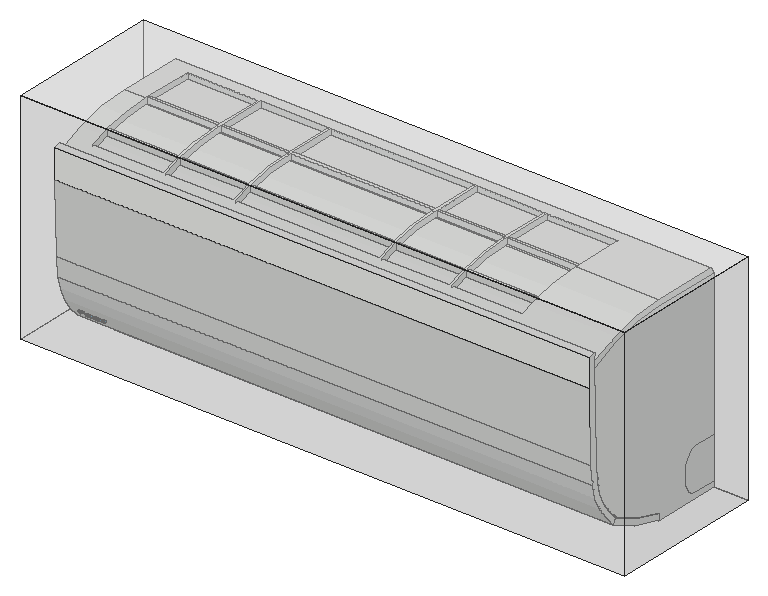
Revit family "outputfile", category 機械設備, Revit 2024
Family settings
  丸型コネクタ寸法 = 半径を使用
  パーツ タイプ = 標準
  OmniClass 番号 = 23.75.10.24.21.27.27
  OmniClass タイトル = Split System Air Conditioning Units
  作業面ベース = いいえ
  常に垂直 = はい
  ロード時にボイドで切り取り = いいえ
  注釈の向きを維持 = いいえ
  共有 = いいえ
  部屋計算ポイント = いいえ
Parameters (values of type "FTKF20T2VMA")
  Description = ""
  書き出し IFC クラス(タイプ) = "IfcUnitaryEquipmentType"
  定義済み IFC タイプ(タイプ) = "AIRCONDITIONINGUNIT"
  Cost = 0
  Type Comments = ""
  Keynote = ""
  Type Image = (empty or 0)
  Assembly Code = ""
  w_wall hole = if(Width = 770.0 mm, 48.0 mm, 60.0 mm)  # 48.0 mm
  製造元 = "Daikin"
  モデル = "FTKF20T2VMA"
  switch_frequency = yes
  r_Liquid Pipe Size = Liquid Pipe Size / 2  # 3.2 mm
  r_Gas Pipe Size = Gas Pipe Size / 2  # 4.75 mm
  r_Drain Pipe Size = Drain Pipe Size / 2  # 8.0 mm
  lw_powersupply [instance] = if(Width = 770.0 mm, if(or(Rear Right Connection_refrigerant, Bottom Right Connection_refrigerant), 25.0 mm, if(or(Rear Left Connection_refrigerant, Bottom Left Connection_refrigerant), 745.0 mm, 400.0 mm)), if(Width = 990.0 mm, if(or(Rear Right Connection_refrigerant, Bottom Right Connection_refrigerant), 40.0 mm, if(or(Rear Left Connection_refrigerant, Bottom Left Connection_refrigerant), 920.0 mm, 400.0 mm)), if(or(Rear Right Connection_refrigerant, Bottom Right Connection_refrigerant), 40.0 mm, if(or(Rear Left Connection_refrigerant, Bottom Left Connection_refrigerant), 920.0 mm, 400.0 mm))))  # 400.0 mm
  lw_liquidpipe [instance] = if(Width = 770.0 mm, if(or(Rear Right Connection_refrigerant, Bottom Right Connection_refrigerant), 0.0 mm, if(or(Rear Left Connection_refrigerant, Bottom Left Connection_refrigerant), 664.0 mm, 385.0 mm)), if(Width = 990.0 mm, if(or(Rear Right Connection_refrigerant, Bottom Right Connection_refrigerant), 0.0 mm, if(or(Rear Left Connection_refrigerant, Bottom Left Connection_refrigerant), 664.0 mm + (990.0 mm - 770.0 mm), 475.0 mm)), if(or(Rear Right Connection_refrigerant, Bottom Right Connection_refrigerant), 0.0 mm, if(or(Rear Left Connection_refrigerant, Bottom Left Connection_refrigerant), 664.0 mm + (990.0 mm - 770.0 mm), 475.0 mm))))  # 385.0 mm
  lw_gaspipe [instance] = if(Width = 770.0 mm, if(or(Rear Right Connection_refrigerant, Bottom Right Connection_refrigerant), 0.0 mm, if(or(Rear Left Connection_refrigerant, Bottom Left Connection_refrigerant), 675.0 mm, if(Gas Pipe Size = 12.7 mm, 345.0 mm, 335.0 mm))), if(Width = 990.0 mm, if(or(Rear Right Connection_refrigerant, Bottom Right Connection_refrigerant), 10.0 mm, if(or(Rear Left Connection_refrigerant, Bottom Left Connection_refrigerant), 890.0 mm, if(Gas Pipe Size = 15.9 mm, 400.0 mm, 400.0 mm))), if(or(Rear Right Connection_refrigerant, Bottom Right Connection_refrigerant), 10.0 mm, if(or(Rear Left Connection_refrigerant, Bottom Left Connection_refrigerant), 890.0 mm, if(Gas Pipe Size = 15.9 mm, 400.0 mm, 400.0 mm)))))  # 335.0 mm
  lw_drainpipe [instance] = if(Width = 770.0 mm, if(or(Rear Right Connection_refrigerant, Bottom Right Connection_refrigerant), 0.0 mm, if(or(Rear Left Connection_refrigerant, Bottom Left Connection_refrigerant), 770.0 mm - 48.0 mm - 48.0 mm, 440.0 mm)), if(Width = 990.0 mm, if(or(Rear Right Connection_refrigerant, Bottom Right Connection_refrigerant), 0.0 mm, if(or(Rear Left Connection_refrigerant, Bottom Left Connection_refrigerant), 675.0 mm + (990.0 mm - 770.0 mm), 435.0 mm)), if(or(Rear Right Connection_refrigerant, Bottom Right Connection_refrigerant), 0.0 mm, if(or(Rear Left Connection_refrigerant, Bottom Left Connection_refrigerant), 675.0 mm + (990.0 mm - 770.0 mm), 435.0 mm))))  # 440.0 mm
  l_powersupply_length [instance] = if(Width = 770.0 mm, if(Right Connection_refrigerant, 400.0 mm, if(Left Connection_refrigerant, 770.0 mm - 400.0 mm, if(or(Rear Left Connection_refrigerant, Rear Right Connection_refrigerant), 15.0 mm, 50.0 mm))), if(Width = 990.0 mm, if(Right Connection_refrigerant, 400.0 mm, if(Left Connection_refrigerant, 990.0 mm - 400.0 mm, if(or(Rear Left Connection_refrigerant, Rear Right Connection_refrigerant), 15.0 mm, 50.0 mm))), if(Right Connection_refrigerant, 400.0 mm, if(Left Connection_refrigerant, 990.0 mm - 400.0 mm, if(or(Rear Left Connection_refrigerant, Rear Right Connection_refrigerant), 15.0 mm, 50.0 mm)))))  # 400.0 mm
  l_liquidpipe_length [instance] = if(Width = 770.0 mm, if(Right Connection_refrigerant, 433.0 mm, if(Left Connection_refrigerant, 337.0 mm, if(or(Rear Left Connection_refrigerant, Rear Right Connection_refrigerant), 30.0 mm, 40.0 mm))), if(Width = 990.0 mm, if(Right Connection_refrigerant, 535.0 mm, if(Left Connection_refrigerant, 455.0 mm, if(or(Rear Left Connection_refrigerant, Rear Right Connection_refrigerant), 30.0 mm, 40.0 mm))), if(Right Connection_refrigerant, 535.0 mm, if(Left Connection_refrigerant, 455.0 mm, if(or(Rear Left Connection_refrigerant, Rear Right Connection_refrigerant), 30.0 mm, 40.0 mm)))))  # 433.0 mm
  l_gaspipe_length [instance] = if(Width = 770.0 mm, if(Right Connection_refrigerant, if(Gas Pipe Size = 12.7 mm, 393.0 mm, 383.0 mm), if(Left Connection_refrigerant, if(Gas Pipe Size = 12.7 mm, 770.0 mm - 393.0 mm, 770.0 mm - 383.0 mm), if(or(Rear Left Connection_refrigerant, Rear Right Connection_refrigerant), 40.0 mm, 50.0 mm))), if(Width = 990.0 mm, if(Right Connection_refrigerant, if(Gas Pipe Size = 15.9 mm, 460.0 mm, 460.0 mm), if(Left Connection_refrigerant, if(Gas Pipe Size = 15.9 mm, 990.0 mm - 460.0 mm, 990.0 mm - 460.0 mm), if(or(Rear Left Connection_refrigerant, Rear Right Connection_refrigerant), 40.0 mm, 50.0 mm))), if(Right Connection_refrigerant, if(Gas Pipe Size = 15.9 mm, 460.0 mm, 460.0 mm), if(Left Connection_refrigerant, if(Gas Pipe Size = 15.9 mm, 990.0 mm - 460.0 mm, 990.0 mm - 460.0 mm), if(or(Rear Left Connection_refrigerant, Rear Right Connection_refrigerant), 40.0 mm, 50.0 mm)))))  # 383.0 mm
  l_drainpipe_length [instance] = if(Width = 770.0 mm, if(Right Connection_refrigerant, 488.0 mm, if(Left Connection_refrigerant, 282.0 mm, if(or(Rear Left Connection_refrigerant, Rear Right Connection_refrigerant), 15.0 mm, 20.0 mm))), if(Width = 990.0 mm, if(Right Connection_refrigerant, 495.0 mm, if(Left Connection_refrigerant, 495.0 mm, if(or(Rear Left Connection_refrigerant, Rear Right Connection_refrigerant), 15.0 mm, 20.0 mm))), if(Right Connection_refrigerant, 495.0 mm, if(Left Connection_refrigerant, 495.0 mm, if(or(Rear Left Connection_refrigerant, Rear Right Connection_refrigerant), 15.0 mm, 20.0 mm)))))  # 488.0 mm
  h*** = 0.0 mm  # constant formula
  connector_voltage = Voltage_50Hz  # 230 V
  connector_powerinput = [Power Input (Cooling)]  # 0.000 kW
  connector_phase = Phase_50Hz  # 1
  angle_vertical [instance] = if(or(Bottom Left Connection_refrigerant, Bottom Right Connection_refrigerant), 0.00°, 90.00°)  # 90.00°
  angle_horizontal [instance] = if(Right Connection_refrigerant, 90.00°, if(Left Connection_refrigerant, -90.00°, if(or(Rear Left Connection_refrigerant, Rear Right Connection_refrigerant), 180.00°, 0.00°)))  # 90.00°
  Width = 770.0 mm
  Voltage_comment_50Hz = "220 - 240"
  Voltage_50Hz = 230 V
  Version = "ver.1.0"
  Unit Type = "Wall Mounted"
  Unit Mass Weight = 9.00 kg
  Unit Designation [instance] = ""
  Uniclass2015Version = "Products v1.30"
  Uniclass2015Title = "Split coil room air conditioning units"
  Uniclass2015Code = "Pr_70_65_03_86"
  URL = ""
  Total Cooling Capacity [instance] = 0.000 kW
  Sound Pressure Level_M speed (dBA) = 33
  Sound Pressure Level_L speed (dBA) = 27
  Sound Pressure Level_H speed (dBA) = 39
  Sound Power Level_H speed (dB) = 0
  Series = "Single Split_Fan Coil Unit"
  Sensible Cooling Capacity [instance] = 0.000 kW
  Refrigerant Type = "R32"
  Power Input (Cooling) = 0.000 kW
  Phase_50Hz = 1
  Option Accessory 3 [instance] = ""
  Option Accessory 2 [instance] = ""
  Option Accessory 1 [instance] = ""
  Nominal Cooling Capacity = 2.000 kW
  Minimum Circuit Amps_50Hz = 0.0 A
  Minimum Airflow = 306.00 m³/h
  Median Airflow = 390.00 m³/h
  Maximum Fuse Amps_50Hz = 0.0 A
  Maximum Airflow = 546.00 m³/h
  Material_Casing = DAIKIN_PureWhite_Casing_indoorunit
  Load Classification = HVAC
  Liquid Pipe Size = 6.4 mm
  Link_Nested Family [instance] = ""
  IfcVersion = ""
  IfcExportType = "AIRCONDITIONINGUNIT"
  IfcExportAs = "IfcUnitaryEquipmentType"
  Height = 285.0 mm
  Heat Exchanger Type = "Cross Fin Coil"
  Gas Pipe Size = 9.5 mm
  Frequency_50Hz = 50 Hz
  Fan Type = "Cross Flow Fan"
  Fan Drive = "Direct Drive"
  FCU Tag No. [instance] = ""
  Drain Pipe Size = 16.0 mm
  Design Supply Airflow [instance] = 0.00 m³/h
  Depth = 223.0 mm
  既定の高さ = 0.0 mm
  Cooling Entering Wet Bulb Temperature [instance] = 0.00 °C
  Cooling Entering Dry Bulb Temperature [instance] = 0.00 °C
  Cooling Ambient Wet Bulb Temperature [instance] = 0.00 °C
  Cooling Ambient Dry Bulb Temperature [instance] = 0.00 °C
  Clearance visibility [instance] = yes
  Clearance Top = 30.0 mm
  Clearance Right = 50.0 mm
  Clearance Rear = 0.0 mm
  Clearance Left = 50.0 mm
  Clearance Front = 0.0 mm
  Clearance Bottom = 0.0 mm
  Bottom Right Connection_refrigerant [instance] = no
  Bottom Left Connection_refrigerant [instance] = no
  Rear Right Connection_refrigerant [instance] = no
  Rear Left Connection_refrigerant [instance] = no
  Right Connection_refrigerant [instance] = yes
  Left Connection_refrigerant [instance] = no
Reference planes
  plane 1 "Back": y = 0
  plane 2: z = 0
  plane 3 "Center (Left/Right)": x = 0
  plane 4 "Center (Front/Back)": y = -111.5
  plane 5 "Front": y = -223
  plane 6 "Left": x = -385
  plane 7 "Right": x = 385
  plane 8 "Top": z = 0
  plane 9 "Bottom": z = -285
  plane 10: x = -435
  plane 11: x = 435
  plane 12: y = 0
  plane 13: y = -223
  plane 14: z = 30
  plane 15: z = -285
  plane 16 "lw_Piping and Wiring intake": x = 337
  plane 17 "lw_gaspipe": x = 2
  plane 18 "lw_liquidpipe": x = -48
  plane 19 "lw_drainpipe": x = -103
  plane 20 "lh_drainpipe": z = -265
  plane 21 "lh_liquidpipe": z = -245
  plane 22 "lh_gaspipe": z = -235
  plane 23 "ld_drainpipe": y = -15
  plane 24 "ld_liquidpipe": y = -30
  plane 25 "ld_gaspipe": y = -40
  plane 26 "lw_powersupply": x = -15
Dimensions and locks
  equal spacing: plane 6 "Left", plane 3 "Center (Left/Right)", plane 7 "Right"
  "Width": plane 6 "Left" to plane 7 "Right"
  equal spacing: plane 5 "Front", plane 4 "Center (Front/Back)", plane 1 "Back"
  "Depth": plane 5 "Front" to plane 1 "Back"
  "Height": plane 8 "Top" to plane 9 "Bottom"
  "Clearance Rear": plane 12 to plane 1 "Back"
  "Clearance Front": plane 13 to plane 5 "Front"
  "Clearance Top": plane 14 to plane 8 "Top"
  "Clearance Bottom": plane 9 "Bottom" to plane 15
  "w_wall hole": plane 16 "lw_Piping and Wiring intake" to plane 7 "Right"
  "lw_gaspipe": plane 17 "lw_gaspipe" to plane 16 "lw_Piping and Wiring intake"
  "lw_liquidpipe": plane 18 "lw_liquidpipe" to plane 16 "lw_Piping and Wiring intake"
  "lw_drainpipe": plane 19 "lw_drainpipe" to plane 16 "lw_Piping and Wiring intake"
  locked: plane 20 "lh_drainpipe" to plane 9 "Bottom" at 20
  locked: plane 21 "lh_liquidpipe" to plane 9 "Bottom" at 40
  locked: plane 22 "lh_gaspipe" to plane 9 "Bottom" at 50
  locked: plane 23 "ld_drainpipe" to plane 1 "Back" at 15
  locked: plane 1 "Back" to plane 24 "ld_liquidpipe" at 30
  locked: plane 1 "Back" to plane 25 "ld_gaspipe" at 40
  "lw_powersupply": plane 26 "lw_powersupply" to plane 7 "Right"
  "Clearance Left": plane 10 to plane 6 "Left"
  "Clearance Right": plane 7 "Right" to plane 11
  aligned and locked: level to plane 2
  aligned and locked: plane 12 to nested 1
  aligned and locked: nested 1 to plane 13
  aligned and locked: plane 10 to nested 1
  aligned and locked: plane 11 to nested 1
  aligned and locked: plane 15 to nested 1
  aligned and locked: plane 14 to nested 1
  aligned and locked: plane 17 "lw_gaspipe" to nested 2
  aligned and locked: nested 2 to plane 25 "ld_gaspipe"
  aligned and locked: plane 18 "lw_liquidpipe" to nested 3
  aligned and locked: nested 3 to plane 24 "ld_liquidpipe"
  aligned and locked: plane 19 "lw_drainpipe" to nested 4
  aligned and locked: nested 4 to plane 23 "ld_drainpipe"
  aligned and locked: nested 5 to plane 23 "ld_drainpipe"
  aligned and locked: plane 26 "lw_powersupply" to nested 5
  aligned and locked: level to plane 8 "Top"
  aligned and locked: plane 3 "Center (Left/Right)" to nested 6
  aligned and locked: plane 1 "Back" to nested 6
  aligned and locked: plane 8 "Top" to nested 6
Nested families
  nested 1: "daikin_clearancespace" at (0, -111.5, -127.381), show <- "Clearance visibility", visible <- "Clearance visibility", Link_Nested Family <- "Link_Nested Family", type "daikin_clearancespace"
    with width 870.0 mm, show yes, height 315.0 mm, depth 223.0 mm, Link_Nested Family ""
  nested 2: "daikin_connector_rotate3" at (2, -40, -235), angle_vertical <- "angle_vertical", angle_horizontal <- "angle_horizontal", length <- "l_gaspipe_length", radius <- "r_Gas Pipe Size", type "daikin_connector_rotate3"
    with show no, radius 4.75 mm, length 383.0 mm, angle_vertical 90.00°, angle_horizontal 90.00°
  nested 3: "daikin_connector_rotate3" at (-48, -30, -245), angle_vertical <- "angle_vertical", angle_horizontal <- "angle_horizontal", radius <- "r_Liquid Pipe Size", length <- "l_liquidpipe_length", type "daikin_connector_rotate3"
    with show no, radius 3.2 mm, length 433.0 mm, angle_vertical 90.00°, angle_horizontal 90.00°
  nested 4: "daikin_connector_rotate3" at (-103, -15, -265), angle_vertical <- "angle_vertical", angle_horizontal <- "angle_horizontal", length <- "l_drainpipe_length", radius <- "r_Drain Pipe Size", type "daikin_connector_rotate3"
    with show no, radius 8.0 mm, length 488.0 mm, angle_vertical 90.00°, angle_horizontal 90.00°
  nested 5: "daikin_connector_rotate3" at (-15, -15, -235), angle_vertical <- "angle_vertical", angle_horizontal <- "angle_horizontal", length <- "l_powersupply_length", type "daikin_connector_rotate3"
    with show no, radius 10.0 mm, length 400.0 mm, angle_vertical 90.00°, angle_horizontal 90.00°
  nested 6: "DAIKIN_indoorunit_FTKF-T2VMA" at (-31, 0, 0), type "FTKF-T2VMA"
Connectors
  piping at (385, -40, -235), diameter 9.5, driven by "r_Gas Pipe Size"
    settings: on nested 2, index 1, connector inside diameter 609.6 mm, connector length 0.0 mm, flow factor 0, pipe flow 0.00 m³/h, pressure drop 0.0 Pa, fitting loss kfactor 0, connector angle 0.00°, fixture units 0, engagement length 0.0 mm, angle of deflection 0.00°, flow configuration 1, flow direction 2, fitting loss method 0, system type 29, joint type 0, gender type 0, connector reference index -1, connector utility 0, adjustable connector no, is connector primary yes, connector description "Refrigerant Gas Piping"
  piping at (385, -30, -245), diameter 6.4, driven by "r_Liquid Pipe Size"
    settings: on nested 3, index 2, connector inside diameter 609.6 mm, connector length 0.0 mm, flow factor 0, pipe flow 0.00 m³/h, pressure drop 0.0 Pa, fitting loss kfactor 0, connector angle 0.00°, fixture units 0, engagement length 0.0 mm, angle of deflection 0.00°, flow configuration 1, flow direction 1, fitting loss method 0, system type 29, joint type 0, gender type 0, connector reference index -1, connector utility 0, adjustable connector no, is connector primary no, connector description "Refrigerant Liquid Piping"
  piping at (385, -15, -265), diameter 16, driven by "r_Drain Pipe Size"
    settings: on nested 4, index 3, connector inside diameter 609.6 mm, connector length 0.0 mm, flow factor 0, pipe flow 0.00 m³/h, pressure drop 0.0 Pa, fitting loss kfactor 0, connector angle 0.00°, fixture units 0, engagement length 0.0 mm, angle of deflection 0.00°, flow configuration 1, flow direction 2, fitting loss method 4, system type 16, joint type 0, gender type 0, connector reference index -1, connector utility 0, adjustable connector no, is connector primary no, connector description "Condensate Drain Piping"
  electrical at (385, -15, -235), driven by "Load Classification", driven by "connector_voltage", driven by "connector_powerinput", driven by "connector_phase"
    settings: on nested 5, index 4, voltage 230 V, apparent load 0 VA, apparent load phase1 0 VA, apparent load phase2 0 VA, apparent load phase3 0 VA, power factor 1, load classification "HVAC", number of poles 1, system type 30, power factor state 1, is connector primary yes, connector utility no, sub classification motor no, connector description "Power Supply"
Definition of nested family "daikin_clearancespace"
  Parameters (values of type "daikin_clearancespace")
    Description = "daikin_clearancespace"
    width [instance] = 1823.963 mm
    show [instance] = yes
    material = none
    height [instance] = 1359.762 mm
    depth [instance] = 880.0 mm
    Default Elevation = 0.0 mm
    Link_Nested Family [instance] = ""
  Reference planes
    plane 1 "Center (Front/Back)": y = 0
    plane 2 "Center (Elevation)": z = -0.119
    plane 3 "Center (Left/Right)": x = 0
    plane 4: y = 440
    plane 5: y = -440
    plane 6 "Right": x = 911.982
    plane 7 "Left": x = -911.982
    plane 8 "Top": z = 679.762
    plane 9 "Bottom": z = -680
  Forms (mm)
    Extrusion 1, solid, material <- "material", visible <- "show"
      sketch origin (0, 0, 0) x (1, 0, 0) y (0, 1, 0)
        loop
          line (-911.982, 440) -> (-911.982, -440) -> (911.982, -440) -> (911.982, 440) -> (-911.982, 440)
      from -680 to 679.762
  Lines and regions (mm)
    symbolic lines, visible <- "show"
      curve 1: line (911.982, 440, 0) -> (-911.982, 440, 0)
      curve 2: line (-911.982, 440, 0) -> (-911.982, -440, 0)
      curve 3: line (-911.982, -440, 0) -> (911.982, -440, 0)
      curve 4: line (911.982, -440, 0) -> (911.982, 440, 0)
      curve 5: line (911.982, 0, 679.762) -> (-911.982, 0, 679.762)
      curve 6: line (911.982, 0, -680) -> (911.982, 0, 679.762)
      curve 7: line (-911.982, 0, -680) -> (911.982, 0, -680)
      curve 8: line (-911.982, 0, 679.762) -> (-911.982, 0, -680)
      curve 9: line (0, 440, 679.762) -> (0, -440, 679.762)
      curve 10: line (0, -440, 679.762) -> (0, -440, -680)
      curve 11: line (0, 440, -680) -> (0, 440, 679.762)
      curve 12: line (0, -440, -680) -> (0, 440, -680)
  Dimensions and locks
    "width": plane 7 "Left" to plane 6 "Right"
    "depth": plane 4 to plane 5
    "height": plane 8 "Top" to plane 9 "Bottom"
    equal spacing: plane 7 "Left", plane 3 "Center (Left/Right)", plane 6 "Right"
    equal spacing: plane 4, plane 1 "Center (Front/Back)", plane 5
    equal spacing: plane 8 "Top", plane 2 "Center (Elevation)", plane 9 "Bottom"
    aligned and locked: level to plane 2 "Center (Elevation)"
    aligned and locked: Extrusion 1 sketch curve to plane 4
    aligned and locked: plane 7 "Left" to Extrusion 1 sketch curve
    aligned and locked: Extrusion 1 sketch curve to plane 5
    aligned and locked: Extrusion 1 sketch curve to plane 6 "Right"
    aligned and locked: plane 8 "Top" to Extrusion 1
    aligned and locked: curve 1 to Extrusion 1
    aligned and locked: curve 2 to Extrusion 1
    aligned and locked: curve 3 to Extrusion 1
    aligned and locked: curve 4 to Extrusion 1
    aligned and locked: curve 5 to Extrusion 1
    aligned and locked: curve 6 to Extrusion 1
    aligned and locked: curve 7 to Extrusion 1
    aligned and locked: curve 8 to Extrusion 1
    aligned and locked: curve 9 to Extrusion 1
    aligned and locked: curve 10 to Extrusion 1
    aligned and locked: curve 11 to Extrusion 1
    aligned and locked: curve 12 to Extrusion 1
    aligned and locked: Extrusion 1 to plane 9 "Bottom"
Definition of nested family "DAIKIN_indoorunit_FTKF-T2VMA"
  Parameters (values of type "FTKF-TVMA")
    switch_unit1_60-71 = Width = 990.0 mm  # no
    switch_unit1_20-50 = Width = 770.0 mm  # yes
    Width = 770.0 mm
    WALL HOLE-R = if(Width = 770.0 mm, 48.0 mm, 60.0 mm)  # 48.0 mm
    WALL HOLE Size = if(Width = 770.0 mm, 65.0 mm, 80.0 mm)  # 65.0 mm
    Material_Casing = none
    Height = if(Width = 770.0 mm, 285.0 mm, 295.0 mm)  # 285.0 mm
    Default Elevation = 0.0 mm
  Reference planes
    plane 1 "Center (Front/Back)": y = 0
    plane 2 "reference_level": z = 0
    plane 3 "Center (Left/Right)": x = 31
    plane 4: x = -354
    plane 5: x = 416
    plane 6: z = -285
  Forms (mm)
    Extrusion 1, solid, material <- "Material_Casing", visible <- "switch_unit1_20-50"
      sketch origin (29, 0, 0) x (0, 1, 0) y (0, 0, 1)
        loop
          line (-5, 0) -> (-98, 0)
          arc (-98, 0) -> (-157.611, -7.211) -> (-213.783, -28.427) r 250
          arc (-213.783, -28.427) -> (-213.842, -32.972) -> (-213.892, -37.516) r 2191
          arc (-213.892, -37.516) -> (-157.832, -15.495) -> (-98.07, -8) r 242
          line (-98.07, -8) -> (0, -8) -> (-5, 0)
      from -383 to 387
    Extrusion 2, solid, material <- "Material_Casing", visible <- "switch_unit1_20-50"
      sketch origin (416, 1296.25, 1200) x (0, 1, 0) y (0, 0, 1)
        loop
          line (-1472.998, -1446.91) -> (-1476.998, -1453.839)
          arc (-1476.998, -1453.839) -> (-1437.481, -1472.422) -> (-1395.25, -1483.538) r 240
          line (-1395.25, -1483.538) -> (-1395.25, -1475.422)
          arc (-1395.25, -1475.422) -> (-1435.407, -1464.663) -> (-1472.998, -1446.91) r 232
      from 0 to -47.5
    Extrusion 3, solid, material <- "Material_Casing", visible <- "switch_unit1_20-50"
      sketch origin (29, 0, 0) x (0, 1, 0) y (0, 0, 1)
        loop
          arc (-223, -60.455) -> (-222.414, -110.646) -> (-220.656, -160.81) r 2149.92
          arc (-220.656, -160.81) -> (-219.65, -174.299) -> (-217.853, -187.706) r 229.911
          arc (-217.853, -187.706) -> (-205.371, -223.594) -> (-181.517, -253.17) r 111
          line (-181.517, -253.17) -> (-177.429, -246.093)
          arc (-177.429, -246.093) -> (-198.77, -218.989) -> (-209.965, -186.36) r 103
          arc (-209.965, -186.36) -> (-211.681, -173.586) -> (-212.651, -160.735) r 221.844
          arc (-212.651, -160.735) -> (-214.739, -93.233) -> (-214.74, -25.699) r 2186.828
          arc (-214.74, -25.699) -> (-214.671, -21.467) -> (-214.594, -17.235) r 2192
          line (-214.594, -17.235) -> (-223, -19.961) -> (-223, -60.455)
      from -383 to 387
    Extrusion 4, solid, material <- "Material_Casing", visible <- "switch_unit1_20-50"
      sketch origin (29, 0, -20) x (0, 1, 0) y (0, 0, 1)
        loop
          line (0, -265) -> (0, 12) -> (-98.07, 12)
          arc (-98.07, 12) -> (-157.832, 4.505) -> (-213.892, -17.516) r 242
          arc (-213.892, -17.516) -> (-213.638, -79.114) -> (-211.653, -140.681) r 2191
          arc (-211.653, -140.681) -> (-210.685, -153.501) -> (-208.973, -166.243) r 221
          arc (-208.973, -166.243) -> (-197.471, -199.282) -> (-175.482, -226.491) r 102
          arc (-175.482, -226.491) -> (-138.004, -244.019) -> (-98, -254.579) r 231
          line (-98, -254.579) -> (-98, -265) -> (0, -265)
      from -383 to 387
    Extrusion 5, solid, material <- "Material_Casing", visible <- "switch_unit1_20-50"
      sketch origin (-354, 1296.25, 1200) x (0, 1, 0) y (0, 0, 1)
        loop
          line (-1472.998, -1446.91) -> (-1476.998, -1453.839)
          arc (-1476.998, -1453.839) -> (-1437.481, -1472.422) -> (-1395.25, -1483.538) r 240
          line (-1395.25, -1483.538) -> (-1395.25, -1475.422)
          arc (-1395.25, -1475.422) -> (-1435.407, -1464.663) -> (-1472.998, -1446.91) r 232
      from 47 to 0
    Extrusion 6, solid, material <- "Material_Casing", visible <- "switch_unit1_20-50"
      sketch origin (416, 1296.25, 1200) x (0, 1, 0) y (0, 0, 1)
        loop
          line (-1472.998, -1446.91) -> (-1476.998, -1453.839)
          arc (-1476.998, -1453.839) -> (-1443.437, -1470.168) -> (-1407.75, -1481.097) r 240
          line (-1407.75, -1481.097) -> (-1407.75, -1472.894)
          arc (-1407.75, -1472.894) -> (-1441.363, -1462.385) -> (-1472.998, -1446.91) r 232
      from -116.993 to -48.493
    Extrusion 7, solid, material <- "Material_Casing", visible <- "switch_unit1_20-50"
      sketch origin (416, 1296.25, 1200) x (0, 1, 0) y (0, 0, 1)
        loop
          line (-1472.998, -1446.91) -> (-1476.998, -1453.839)
          arc (-1476.998, -1453.839) -> (-1443.437, -1470.168) -> (-1407.75, -1481.097) r 240
          line (-1407.75, -1481.097) -> (-1407.75, -1472.894)
          arc (-1407.75, -1472.894) -> (-1441.363, -1462.385) -> (-1472.998, -1446.91) r 232
      from -717 to -121.993
    Extrusion 8, void
      sketch origin (31, 0, -235) x (1, 0, 0) y (0, 1, 0)
        loop
          line (-252.674, -22.316) -> (-354.941, -22.316) -> (-354.941, -91.341) -> (-252.674, -91.341) -> (-252.674, -22.316)
        loop
          line (-249.341, -91.341) -> (-151.574, -91.341) -> (-151.574, -22.316) -> (-249.341, -22.316) -> (-249.341, -91.341)
        loop
          line (58.309, -22.316) -> (-148.309, -22.316) -> (-148.309, -91.341) -> (58.309, -91.341) -> (58.309, -22.316)
        loop
          line (61.689, -22.316) -> (61.689, -91.341) -> (159.457, -91.341) -> (159.457, -22.316) -> (61.689, -22.316)
        loop
          line (162.789, -22.316) -> (162.789, -91.341) -> (265.057, -91.341) -> (265.057, -22.316) -> (162.789, -22.316)
        loop
          line (-354.941, -94.659) -> (-354.941, -165.259) -> (-252.674, -165.259) -> (-252.674, -94.659) -> (-354.941, -94.659)
        loop
          line (-249.341, -94.659) -> (-249.341, -165.259) -> (-151.574, -165.259) -> (-151.574, -94.659) -> (-249.341, -94.659)
        loop
          line (-148.309, -94.659) -> (-148.309, -165.259) -> (58.309, -165.259) -> (58.309, -94.659) -> (-148.309, -94.659)
        loop
          line (61.689, -94.659) -> (61.689, -165.259) -> (159.457, -165.259) -> (159.457, -94.659) -> (61.689, -94.659)
        loop
          line (162.789, -94.659) -> (162.789, -165.259) -> (265.057, -165.259) -> (265.057, -94.659) -> (162.789, -94.659)
        loop
          line (-354.941, -167.382) -> (-354.941, -192.681) -> (-252.674, -192.681) -> (-252.674, -167.382) -> (-354.941, -167.382)
        loop
          line (-249.341, -167.382) -> (-249.341, -192.681) -> (-151.574, -192.681) -> (-151.574, -167.382) -> (-249.341, -167.382)
        loop
          line (-148.309, -167.382) -> (-148.309, -192.681) -> (58.309, -192.681) -> (58.309, -167.382) -> (-148.309, -167.382)
        loop
          line (159.457, -167.382) -> (61.689, -167.382) -> (61.689, -192.681) -> (159.457, -192.681) -> (159.457, -167.382)
        loop
          line (265.057, -167.382) -> (162.789, -167.382) -> (162.789, -192.681) -> (265.057, -192.681) -> (265.057, -167.382)
      from 201.638 to 250
    Extrusion 9, solid, material <- "Material_Casing"
      sketch origin (31, 0, 0) x (1, 0, 0) y (0, 0, 1)
        loop
          circle (337, -240.5) r 32.5
        loop
          circle (-337, -240.5) r 32.5
      from 0 to 5
    Extrusion 10, solid, material <- "Material_Casing", visible <- "switch_unit1_20-50"
      sketch origin (416, 1296.25, 1200) x (0, -1, 0) y (0, 0, 1)
        loop
          line (1326.25, -1417) -> (1296.25, -1417) -> (1296.25, -1477) -> (1326.25, -1477)
          arc (1326.25, -1477) -> (1340.393, -1471.142) -> (1346.25, -1457) r 20
          line (1346.25, -1457) -> (1346.25, -1437)
          arc (1346.25, -1437) -> (1340.393, -1422.858) -> (1326.25, -1417) r 20
      from 0 to 5
    Extrusion 11, solid, material <- "Material_Casing", visible <- "switch_unit1_20-50"
      sketch origin (-354, 1296.25, 1200) x (0, 1, 0) y (0, 0, 1)
        loop
          line (-1296.25, -1417) -> (-1326.25, -1417)
          arc (-1326.25, -1417) -> (-1340.393, -1422.858) -> (-1346.25, -1437) r 20
          line (-1346.25, -1437) -> (-1346.25, -1457)
          arc (-1346.25, -1457) -> (-1340.393, -1471.142) -> (-1326.25, -1477) r 20
          line (-1326.25, -1477) -> (-1296.25, -1477) -> (-1296.25, -1417)
      from 0 to 5
    Extrusion 12, solid, material <- "Material_Casing", visible <- "switch_unit1_20-50"
      sketch origin (31, 0, -285) x (-1, 0, 0) y (0, -1, 0)
        loop
          line (-314, 0) -> (-314, 30)
          arc (-314, 30) -> (-319.858, 44.142) -> (-334, 50) r 20
          line (-334, 50) -> (-354, 50)
          arc (-354, 50) -> (-368.142, 44.142) -> (-374, 30) r 20
          line (-374, 30) -> (-374, 0) -> (-314, 0)
        loop
          line (374, 0) -> (374, 30)
          arc (374, 30) -> (368.142, 44.142) -> (354, 50) r 20
          line (354, 50) -> (334, 50)
          arc (334, 50) -> (319.858, 44.142) -> (314, 30) r 20
          line (314, 30) -> (314, 0) -> (374, 0)
      from 0 to 5
    Extrusion 13, solid, material <- "Material_Casing", visible <- "switch_unit1_60-71"
      sketch origin (31, 0, 0) x (0, 1, 0) y (0, 0, 1)
        loop
          line (-5, 0) -> (-138, 0)
          arc (-138, 0) -> (-197.611, -7.211) -> (-253.783, -28.427) r 250
          arc (-253.783, -28.427) -> (-253.838, -32.687) -> (-253.886, -36.946) r 2191
          arc (-253.886, -36.946) -> (-197.73, -15.346) -> (-138.014, -8) r 246.393
          line (-138.014, -8) -> (0, -8) -> (-5, 0)
      from -495 to 495
    Extrusion 14, solid, material <- "Material_Casing", visible <- "switch_unit1_60-71"
      sketch origin (418, 1296.25, 1200) x (0, 1, 0) y (0, 0, 1)
        loop
          arc (-1515.208, -1454.149) -> (-1506.856, -1460.599) -> (-1497.925, -1466.219) r 110
          arc (-1497.925, -1466.219) -> (-1445.718, -1487.493) -> (-1389.844, -1494.995) r 223
          line (-1389.844, -1494.995) -> (-1389.844, -1486.086) -> (-1404.386, -1486.086)
          arc (-1404.386, -1486.086) -> (-1449.542, -1477.46) -> (-1491.818, -1459.402) r 214.289
          arc (-1491.818, -1459.402) -> (-1501.056, -1453.541) -> (-1509.606, -1446.715) r 101
          line (-1509.606, -1446.715) -> (-1515.208, -1454.149)
      from 108 to 57.5
    Extrusion 15, solid, material <- "Material_Casing", visible <- "switch_unit1_60-71"
      sketch origin (31, 0, 0) x (0, 1, 0) y (0, 0, 1)
        loop
          line (-263, -19.962) -> (-263, -61.6)
          arc (-263, -61.6) -> (-262.414, -110.219) -> (-260.656, -158.81) r 2017.341
          arc (-260.656, -158.81) -> (-255.648, -191.935) -> (-244.041, -223.362) r 164.725
          arc (-244.041, -223.362) -> (-233.569, -239.793) -> (-219.717, -253.495) r 87.379
          line (-219.717, -253.495) -> (-214.706, -246.846)
          arc (-214.706, -246.846) -> (-229.564, -230.029) -> (-240.385, -210.371) r 102
          arc (-240.385, -210.371) -> (-249.049, -182.962) -> (-252.848, -154.467) r 165.789
          arc (-252.848, -154.467) -> (-254.771, -90.102) -> (-254.74, -25.708) r 2122.533
          arc (-254.74, -25.708) -> (-254.671, -21.469) -> (-254.594, -17.23) r 2192
          line (-254.594, -17.23) -> (-263, -19.962)
      from -495 to 495
    Extrusion 16, void
      sketch origin (33, 0, 0) x (1, 0, 0) y (0, 1, 0)
        loop
          line (-466.909, -22.316) -> (-466.909, -111.341) -> (-366.303, -111.341) -> (-366.303, -22.316) -> (-466.909, -22.316)
        loop
          line (-362.71, -22.316) -> (-362.71, -111.341) -> (-262.103, -111.341) -> (-262.103, -22.316) -> (-362.71, -22.316)
        loop
          line (-258.51, -22.316) -> (-258.51, -111.341) -> (-157.904, -111.341) -> (-157.904, -22.316) -> (-258.51, -22.316)
        loop
          line (-154.31, -22.316) -> (-154.31, -111.341) -> (-53.704, -111.341) -> (-53.704, -22.316) -> (-154.31, -22.316)
        loop
          line (-50.11, -22.316) -> (-50.11, -111.341) -> (50.496, -111.341) -> (50.496, -22.316) -> (-50.11, -22.316)
        loop
          line (54.089, -22.316) -> (54.089, -111.341) -> (154.696, -111.341) -> (154.696, -22.316) -> (54.089, -22.316)
        loop
          line (158.289, -22.316) -> (158.289, -111.341) -> (258.895, -111.341) -> (258.895, -22.316) -> (158.289, -22.316)
        loop
          line (262.489, -22.316) -> (262.489, -111.341) -> (363.095, -111.341) -> (363.095, -22.316) -> (262.489, -22.316)
        loop
          line (-466.909, -114.459) -> (-466.909, -185.059) -> (-366.303, -185.059) -> (-366.303, -114.459) -> (-466.909, -114.459)
        loop
          line (-362.71, -114.459) -> (-362.71, -185.059) -> (-262.103, -185.059) -> (-262.103, -114.459) -> (-362.71, -114.459)
        loop
          line (-258.51, -114.459) -> (-258.51, -185.059) -> (-157.904, -185.059) -> (-157.904, -114.459) -> (-258.51, -114.459)
        loop
          line (-154.31, -114.459) -> (-154.31, -185.059) -> (-53.704, -185.059) -> (-53.704, -114.459) -> (-154.31, -114.459)
        loop
          line (-50.11, -114.459) -> (-50.11, -185.059) -> (50.496, -185.059) -> (50.496, -114.459) -> (-50.11, -114.459)
        loop
          line (54.089, -114.459) -> (54.089, -185.059) -> (154.696, -185.059) -> (154.696, -114.459) -> (54.089, -114.459)
        loop
          line (158.289, -114.459) -> (158.289, -185.059) -> (258.895, -185.059) -> (258.895, -114.459) -> (158.289, -114.459)
        loop
          line (262.489, -114.459) -> (262.489, -185.059) -> (363.095, -185.059) -> (363.095, -114.459) -> (262.489, -114.459)
        loop
          line (-466.909, -187.382) -> (-466.909, -232.681) -> (-366.303, -232.681) -> (-366.303, -187.382) -> (-466.909, -187.382)
        loop
          line (-362.71, -187.382) -> (-362.71, -232.681) -> (-262.103, -232.681) -> (-262.103, -187.382) -> (-362.71, -187.382)
        loop
          line (-258.51, -187.382) -> (-258.51, -232.681) -> (-157.904, -232.681) -> (-157.904, -187.382) -> (-258.51, -187.382)
        loop
          line (-154.31, -187.382) -> (-154.31, -232.681) -> (-53.704, -232.681) -> (-53.704, -187.382) -> (-154.31, -187.382)
        loop
          line (-50.11, -187.382) -> (-50.11, -232.681) -> (50.496, -232.681) -> (50.496, -187.382) -> (-50.11, -187.382)
        loop
          line (54.089, -187.382) -> (54.089, -232.681) -> (154.696, -232.681) -> (154.696, -187.382) -> (54.089, -187.382)
        loop
          line (158.289, -187.382) -> (158.289, -232.681) -> (258.895, -232.681) -> (258.895, -187.382) -> (158.289, -187.382)
        loop
          line (262.489, -187.382) -> (262.489, -232.681) -> (363.095, -232.681) -> (363.095, -187.382) -> (262.489, -187.382)
      from -40.013 to 47.268
    Extrusion 17, solid, material <- "Material_Casing", visible <- "switch_unit1_60-71"
      sketch origin (-356, 1296.25, 1200) x (0, 1, 0) y (0, 0, -1)
        loop
          line (-1515.208, 1454.149) -> (-1509.606, 1446.715)
          arc (-1509.606, 1446.715) -> (-1501.056, 1453.541) -> (-1491.818, 1459.402) r 101
          arc (-1491.818, 1459.402) -> (-1449.542, 1477.46) -> (-1404.386, 1486.086) r 214.289
          line (-1404.386, 1486.086) -> (-1389.844, 1486.086) -> (-1389.844, 1494.995)
          arc (-1389.844, 1494.995) -> (-1445.718, 1487.493) -> (-1497.925, 1466.219) r 223
          arc (-1497.925, 1466.219) -> (-1506.856, 1460.599) -> (-1515.208, 1454.149) r 110
      from 108 to 61
    Extrusion 18, solid, material <- "Material_Casing", visible <- "switch_unit1_60-71"
      sketch origin (418, 1296.25, 1200) x (0, 1, 0) y (0, 0, 1)
        loop
          arc (-1515.208, -1454.149) -> (-1506.856, -1460.599) -> (-1497.925, -1466.219) r 110
          arc (-1497.925, -1466.219) -> (-1463.185, -1482.066) -> (-1426.25, -1491.755) r 223
          line (-1426.25, -1491.755) -> (-1426.25, -1483.166)
          arc (-1426.25, -1483.166) -> (-1460.008, -1473.969) -> (-1491.818, -1459.402) r 214.289
          arc (-1491.818, -1459.402) -> (-1501.056, -1453.541) -> (-1509.606, -1446.715) r 101
          line (-1509.606, -1446.715) -> (-1515.208, -1454.149)
      from 56.5 to -36.993
    Extrusion 19, solid, material <- "Material_Casing", visible <- "switch_unit1_60-71"
      sketch origin (418, 1296.25, 1200) x (0, 1, 0) y (0, 0, 1)
        loop
          arc (-1426.25, -1483.166) -> (-1443.442, -1479.224) -> (-1460.25, -1473.881) r 214.289
          line (-1460.25, -1473.881) -> (-1460.25, -1483.089)
          arc (-1460.25, -1483.089) -> (-1443.421, -1488.091) -> (-1426.25, -1491.755) r 223
          line (-1426.25, -1491.755) -> (-1426.25, -1483.166)
      from -43.493 to -828.893
    Extrusion 20, solid, material <- "Material_Casing", visible <- "switch_unit1_60-71"
      sketch origin (418, 1296.25, 1200) x (0, 1, 0) y (0, 0, 1)
        loop
          arc (-1515.208, -1454.149) -> (-1506.856, -1460.599) -> (-1497.925, -1466.219) r 110
          arc (-1497.925, -1466.219) -> (-1479.479, -1475.527) -> (-1460.25, -1483.089) r 223
          line (-1460.25, -1483.089) -> (-1460.25, -1473.881)
          arc (-1460.25, -1473.881) -> (-1476.328, -1467.282) -> (-1491.818, -1459.402) r 214.289
          arc (-1491.818, -1459.402) -> (-1501.056, -1453.541) -> (-1509.606, -1446.715) r 101
          line (-1509.606, -1446.715) -> (-1515.208, -1454.149)
      from -43.493 to -828.893
    Extrusion 21, solid, material <- "Material_Casing", visible <- "switch_unit1_60-71"
      sketch origin (31, 0, -30) x (0, 1, 0) y (0, 0, 1)
        loop
          line (0, 22) -> (-138.014, 22)
          arc (-138.014, 22) -> (-197.73, 14.654) -> (-253.886, -6.946) r 246.393
          arc (-253.886, -6.946) -> (-253.682, -65.635) -> (-251.855, -124.295) r 2120.935
          arc (-251.855, -124.295) -> (-248.086, -152.682) -> (-239.461, -179.988) r 164.789
          arc (-239.461, -179.988) -> (-228.903, -199.231) -> (-214.437, -215.738) r 101
          line (-214.437, -215.738) -> (-212.406, -216.221)
          arc (-212.406, -216.221) -> (-204.07, -222.837) -> (-195.079, -228.53) r 100
          arc (-195.079, -228.53) -> (-145.557, -248.629) -> (-92.593, -255.785) r 213.289
          line (-92.593, -255.785) -> (-92.593, -265) -> (0, -265) -> (0, 22)
      from -495 to 495
    Extrusion 22, solid, material <- "Material_Casing", visible <- "switch_unit1_60-71"
      sketch origin (526, 1296.25, 1200) x (0, -1, 0) y (0, 0, 1)
        loop
          line (1326.25, -1427.035) -> (1296.25, -1427.035) -> (1296.25, -1487.035) -> (1326.25, -1487.035)
          arc (1326.25, -1487.035) -> (1340.393, -1481.177) -> (1346.25, -1467.035) r 20
          line (1346.25, -1467.035) -> (1346.25, -1447.035)
          arc (1346.25, -1447.035) -> (1340.393, -1432.892) -> (1326.25, -1427.035) r 20
      from 0 to 5
    Extrusion 23, solid, material <- "Material_Casing", visible <- "switch_unit1_60-71"
      sketch origin (-459, 1296.25, 1200) x (0, -1, 0) y (0, 0, 1)
        loop
          line (1326.25, -1427.035) -> (1296.25, -1427.035) -> (1296.25, -1487.035) -> (1326.25, -1487.035)
          arc (1326.25, -1487.035) -> (1340.393, -1481.177) -> (1346.25, -1467.035) r 20
          line (1346.25, -1467.035) -> (1346.25, -1447.035)
          arc (1346.25, -1447.035) -> (1340.393, -1432.892) -> (1326.25, -1427.035) r 20
      from 0 to 5
    Extrusion 24, solid, material <- "Material_Casing", visible <- "switch_unit1_60-71"
      sketch origin (31, 200, -295) x (-1, 0, 0) y (0, -1, 0)
        loop
          line (469, 200) -> (469, 230)
          arc (469, 230) -> (463.142, 244.142) -> (449, 250) r 20
          line (449, 250) -> (429, 250)
          arc (429, 250) -> (414.858, 244.142) -> (409, 230) r 20
          line (409, 230) -> (409, 200) -> (469, 200)
        loop
          line (-469, 200) -> (-409, 200) -> (-409, 230)
          arc (-409, 230) -> (-414.858, 244.142) -> (-429, 250) r 20
          line (-429, 250) -> (-449, 250)
          arc (-449, 250) -> (-463.142, 244.142) -> (-469, 230) r 20
          line (-469, 230) -> (-469, 200)
      from 0 to 5
  Cuts and joins
    Extrusion 8 cuts Extrusion 1
    Extrusion 16 cuts Extrusion 13
  Lines and regions (mm)
    reference lines
      curve 1: line (-523, -201.911, -229.404) -> (-523, -193.542, -239.977)
      curve 2: line (-523, -240.779, -229.404) -> (-523, -232.411, -239.977)
  Dimensions and locks
    locked: Extrusion 10 sketch curve to Extrusion 10 sketch curve at 60
    locked: Extrusion 10 sketch curve to Extrusion 10 sketch curve at 50
    locked: Extrusion 12 sketch curve to Extrusion 12 sketch curve at 60  (x2)
    locked: Extrusion 12 sketch curve to Extrusion 12 sketch curve at 50
    equal spacing: plane 5, plane 3 "Center (Left/Right)", plane 4
    "Width": plane 5 to plane 4
    locked: Extrusion 9 sketch curve to plane 4 at 48
    "WALL HOLE-R": plane 5 to Extrusion 9 sketch curve
    "Height": plane 2 "reference_level" to plane 6
    locked: Extrusion 9 sketch curve to plane 6 at 44.5  (x2)
    locked: Extrusion 15 to nested 2 at 15
    locked: Extrusion 22 sketch curve to Extrusion 22 sketch curve at 60
    locked: Extrusion 22 sketch curve to Extrusion 22 sketch curve at 50
    locked: Extrusion 23 sketch curve to Extrusion 23 sketch curve at 60
    locked: Extrusion 23 sketch curve to Extrusion 23 sketch curve at 50
    locked: Extrusion 24 sketch curve to Extrusion 24 sketch curve at 60  (x2)
    locked: Extrusion 24 sketch curve to Extrusion 24 sketch curve at 50  (x2)
    "WALL HOLE Size": diameter of Extrusion 9 sketch curve  (x2)
    aligned and locked: level to plane 2 "reference_level"
    aligned and locked: nested 1 to curve 1
    aligned and locked: Extrusion 11 sketch curve to Extrusion 10  (x4)
    aligned and locked: Extrusion 12 sketch curve to Extrusion 12 sketch curve  (x2)
    aligned and locked: Extrusion 9 to plane 1 "Center (Front/Back)"
    aligned and locked: nested 2 to curve 2
  Automatic sketch dimensions
    curve 1 to level = 239.977 mm
    plane 1 "Center (Front/Back)" to curve 1 = 193.542 mm
    curve 2 to curve 1 = 0.0 mm
    curve 2 to curve 2 = 10.573 mm
    curve 1 to curve 1 = 10.573 mm
    curve 1 to curve 1 = 8.368 mm
    curve 1 to curve 2 = 30.5 mm
    curve 2 to curve 2 = 8.368 mm
    Extrusion 1 sketch curve to level = 0.0 mm
    Extrusion 1 sketch curve to plane 1 "Center (Front/Back)" = 0.0 mm
    plane 1 "Center (Front/Back)" to Extrusion 1 sketch curve = 5.0 mm
    plane 1 "Center (Front/Back)" to Extrusion 1 sketch curve = 98.0 mm
    Extrusion 1 sketch curve to Extrusion 1 sketch curve = 0.07 mm
    Extrusion 1 sketch curve to level = 59.292 mm
    Extrusion 1 sketch curve to plane 1 "Center (Front/Back)" = 1977.0 mm
    Extrusion 1 sketch curve to level = 250.0 mm
    Extrusion 1 sketch curve to Extrusion 1 sketch curve = 0.0 mm
    Extrusion 1 sketch curve to level = 8.0 mm
    Extrusion 1 sketch curve to level = 28.427 mm
    plane 1 "Center (Front/Back)" to Extrusion 2 sketch curve = 180.748 mm
    Extrusion 2 sketch curve to Extrusion 2 sketch curve = 4.0 mm
    Extrusion 2 sketch curve to Extrusion 2 sketch curve = 77.747 mm
    plane 1 "Center (Front/Back)" to Extrusion 2 sketch curve = 59.279 mm
    Extrusion 2 sketch curve to Extrusion 2 sketch curve = 0.0 mm
    Extrusion 2 sketch curve to level = 283.538 mm
    Extrusion 2 sketch curve to Extrusion 2 sketch curve = 8.116 mm
    Extrusion 2 sketch curve to Extrusion 2 sketch curve = 21.583 mm
    Extrusion 2 sketch curve to Extrusion 2 sketch curve = 6.929 mm
    Extrusion 3 sketch curve to level = 19.961 mm
    plane 1 "Center (Front/Back)" to Extrusion 3 sketch curve = 223.0 mm
    Extrusion 3 sketch curve to level = 17.235 mm
    Extrusion 3 sketch curve to Extrusion 3 sketch curve = 8.406 mm
    plane 1 "Center (Front/Back)" to Extrusion 3 sketch curve = 181.517 mm
    Extrusion 3 sketch curve to Extrusion 3 sketch curve = 4.087 mm
    Extrusion 3 sketch curve to Extrusion 3 sketch curve = 69.11 mm
    Extrusion 3 sketch curve to Extrusion 3 sketch curve = 0.001 mm
    Extrusion 3 sketch curve to plane 1 "Center (Front/Back)" = 8.955 mm
    Extrusion 3 sketch curve to Extrusion 3 sketch curve = 0.067 mm
    Extrusion 3 sketch curve to level = 60.455 mm
    Extrusion 3 sketch curve to Extrusion 3 sketch curve = 1917.898 mm
    Extrusion 3 sketch curve to Extrusion 3 sketch curve = 44.907 mm
    Extrusion 3 sketch curve to Extrusion 3 sketch curve = 5.172 mm
    Extrusion 3 sketch curve to level = 150.456 mm
    Extrusion 3 sketch curve to Extrusion 3 sketch curve = 0.006 mm
    Extrusion 3 sketch curve to Extrusion 3 sketch curve = 19.265 mm
    Extrusion 3 sketch curve to Extrusion 3 sketch curve = 0.004 mm
    Extrusion 3 sketch curve to Extrusion 3 sketch curve = 76.368 mm
    Extrusion 3 sketch curve to Extrusion 3 sketch curve = 7.077 mm
    Extrusion 3 sketch curve to Extrusion 3 sketch curve = 1.002 mm
    Extrusion 3 sketch curve to Extrusion 3 sketch curve = 0.046 mm
    Extrusion 3 sketch curve to Extrusion 3 sketch curve = 8.005 mm
    Extrusion 3 sketch curve to Extrusion 3 sketch curve = 0.147 mm
    Extrusion 3 sketch curve to Extrusion 3 sketch curve = 0.0 mm
    Extrusion 4 sketch curve to plane 1 "Center (Front/Back)" = 0.0 mm
    plane 1 "Center (Front/Back)" to Extrusion 4 sketch curve = 59.278 mm
    Extrusion 4 sketch curve to Extrusion 4 sketch curve = 98.0 mm
    Extrusion 4 sketch curve to Extrusion 4 sketch curve = 0.0 mm  (x3)
    Extrusion 4 sketch curve to level = 8.0 mm
    Extrusion 4 sketch curve to Extrusion 4 sketch curve = 38.791 mm
    Extrusion 4 sketch curve to Extrusion 4 sketch curve = 10.249 mm
    Extrusion 4 sketch curve to plane 1 "Center (Front/Back)" = 9.11 mm
    Extrusion 4 sketch curve to level = 59.292 mm
    Extrusion 4 sketch curve to Extrusion 4 sketch curve = 1967.89 mm
    Extrusion 4 sketch curve to Extrusion 4 sketch curve = 142.454 mm
    Extrusion 4 sketch curve to Extrusion 4 sketch curve = 19.271 mm
    Extrusion 4 sketch curve to Extrusion 4 sketch curve = 80.275 mm
    Extrusion 4 sketch curve to Extrusion 4 sketch curve = 24.579 mm
    Extrusion 4 sketch curve to Extrusion 4 sketch curve = 10.421 mm
    Extrusion 4 sketch curve to level = 46.847 mm
    Extrusion 4 sketch curve to Extrusion 4 sketch curve = 77.412 mm
    Extrusion 4 sketch curve to Extrusion 4 sketch curve = 33.49 mm
    Extrusion 4 sketch curve to Extrusion 4 sketch curve = 2.68 mm
    plane 1 "Center (Front/Back)" to Extrusion 5 sketch curve = 180.748 mm
    Extrusion 5 sketch curve to Extrusion 5 sketch curve = 4.0 mm
    Extrusion 5 sketch curve to Extrusion 5 sketch curve = 77.747 mm
    plane 1 "Center (Front/Back)" to Extrusion 5 sketch curve = 59.279 mm
    Extrusion 5 sketch curve to Extrusion 5 sketch curve = 0.0 mm
    Extrusion 5 sketch curve to level = 283.538 mm
    Extrusion 5 sketch curve to Extrusion 5 sketch curve = 8.116 mm
    Extrusion 5 sketch curve to Extrusion 5 sketch curve = 21.583 mm
    Extrusion 5 sketch curve to Extrusion 5 sketch curve = 6.929 mm
    plane 1 "Center (Front/Back)" to Extrusion 6 sketch curve = 180.748 mm
    Extrusion 6 sketch curve to Extrusion 6 sketch curve = 4.0 mm
    Extrusion 6 sketch curve to Extrusion 6 sketch curve = 65.247 mm
    plane 1 "Center (Front/Back)" to Extrusion 6 sketch curve = 59.279 mm
    Extrusion 6 sketch curve to Extrusion 6 sketch curve = 0.0 mm
    Extrusion 6 sketch curve to level = 281.097 mm
    Extrusion 6 sketch curve to Extrusion 6 sketch curve = 8.203 mm
    Extrusion 6 sketch curve to Extrusion 6 sketch curve = 19.055 mm
    Extrusion 6 sketch curve to Extrusion 6 sketch curve = 6.929 mm
    plane 1 "Center (Front/Back)" to Extrusion 7 sketch curve = 180.748 mm
    Extrusion 7 sketch curve to Extrusion 7 sketch curve = 4.0 mm
    Extrusion 7 sketch curve to Extrusion 7 sketch curve = 65.247 mm
    plane 1 "Center (Front/Back)" to Extrusion 7 sketch curve = 59.279 mm
    Extrusion 7 sketch curve to Extrusion 7 sketch curve = 0.0 mm
    Extrusion 7 sketch curve to level = 281.097 mm
    Extrusion 7 sketch curve to Extrusion 7 sketch curve = 8.203 mm
    Extrusion 7 sketch curve to Extrusion 7 sketch curve = 19.055 mm
    Extrusion 7 sketch curve to Extrusion 7 sketch curve = 6.929 mm
    plane 1 "Center (Front/Back)" to Extrusion 8 sketch curve = 165.259 mm  (x2)
    Extrusion 8 sketch curve to plane 3 "Center (Left/Right)" = 354.941 mm
    plane 1 "Center (Front/Back)" to Extrusion 8 sketch curve = 22.316 mm  (x3)
    Extrusion 8 sketch curve to Extrusion 8 sketch curve = 0.0 mm  (x26)
    Extrusion 8 sketch curve to Extrusion 8 sketch curve = 102.268 mm  (x2)
    Extrusion 8 sketch curve to Extrusion 8 sketch curve = 3.332 mm  (x4)
    Extrusion 8 sketch curve to Extrusion 8 sketch curve = 97.768 mm  (x2)
    Extrusion 8 sketch curve to Extrusion 8 sketch curve = 3.264 mm  (x3)
    plane 3 "Center (Left/Right)" to Extrusion 8 sketch curve = 58.309 mm
    Extrusion 8 sketch curve to Extrusion 8 sketch curve = 3.38 mm  (x3)
    Extrusion 8 sketch curve to Extrusion 8 sketch curve = 2.124 mm  (x6)
    Extrusion 8 sketch curve to Extrusion 8 sketch curve = 25.299 mm  (x2)
    Extrusion 8 sketch curve to Extrusion 8 sketch curve = 70.6 mm
    Extrusion 8 sketch curve to Extrusion 8 sketch curve = 3.317 mm  (x4)
    Extrusion 10 sketch curve to plane 1 "Center (Front/Back)" = 0.0 mm
    Extrusion 10 sketch curve to Extrusion 10 sketch curve = 20.0 mm  (x2)
    Extrusion 10 sketch curve to level = 277.0 mm
    plane 1 "Center (Front/Back)" to Extrusion 12 sketch curve = 0.0 mm
    plane 3 "Center (Left/Right)" to Extrusion 12 sketch curve = 374.0 mm
    Extrusion 12 sketch curve to Extrusion 12 sketch curve = 20.0 mm  (x3)
    plane 1 "Center (Front/Back)" to Extrusion 12 sketch curve = 30.0 mm
    Extrusion 12 sketch curve to plane 3 "Center (Left/Right)" = 314.0 mm
    Extrusion 13 sketch curve to level = 0.0 mm
    Extrusion 13 sketch curve to plane 1 "Center (Front/Back)" = 0.0 mm
    plane 1 "Center (Front/Back)" to Extrusion 13 sketch curve = 5.0 mm
    Extrusion 13 sketch curve to Extrusion 13 sketch curve = 133.0 mm
    Extrusion 13 sketch curve to Extrusion 13 sketch curve = 0.013 mm
    Extrusion 13 sketch curve to level = 59.292 mm
    Extrusion 13 sketch curve to plane 1 "Center (Front/Back)" = 1937.0 mm
    Extrusion 13 sketch curve to Extrusion 13 sketch curve = 250.0 mm
    Extrusion 13 sketch curve to Extrusion 13 sketch curve = 4.393 mm
    Extrusion 13 sketch curve to level = 8.0 mm
    Extrusion 13 sketch curve to level = 28.427 mm
    plane 1 "Center (Front/Back)" to Extrusion 14 sketch curve = 218.957 mm
    Extrusion 14 sketch curve to Extrusion 14 sketch curve = 5.601 mm
    Extrusion 14 sketch curve to Extrusion 14 sketch curve = 65.735 mm
    Extrusion 14 sketch curve to Extrusion 14 sketch curve = 1.462 mm
    plane 1 "Center (Front/Back)" to Extrusion 14 sketch curve = 108.136 mm
    Extrusion 14 sketch curve to Extrusion 14 sketch curve = 14.543 mm
    plane 1 "Center (Front/Back)" to Extrusion 14 sketch curve = 92.093 mm
    Extrusion 14 sketch curve to Extrusion 14 sketch curve = 1.354 mm
    Extrusion 14 sketch curve to level = 294.995 mm
    Extrusion 14 sketch curve to Extrusion 14 sketch curve = 8.909 mm
    Extrusion 14 sketch curve to Extrusion 14 sketch curve = 31.937 mm
    Extrusion 14 sketch curve to Extrusion 14 sketch curve = 7.433 mm
    Extrusion 14 sketch curve to Extrusion 14 sketch curve = 75.403 mm
    Extrusion 14 sketch curve to Extrusion 14 sketch curve = 0.896 mm
    Extrusion 14 sketch curve to level = 72.504 mm
    Extrusion 14 sketch curve to Extrusion 14 sketch curve = 0.504 mm
    Extrusion 15 sketch curve to level = 19.962 mm
    plane 1 "Center (Front/Back)" to Extrusion 15 sketch curve = 263.0 mm
    Extrusion 15 sketch curve to level = 17.23 mm
    Extrusion 15 sketch curve to Extrusion 15 sketch curve = 8.406 mm
    Extrusion 15 sketch curve to Extrusion 15 sketch curve = 43.283 mm
    Extrusion 15 sketch curve to Extrusion 15 sketch curve = 5.011 mm
    Extrusion 15 sketch curve to Extrusion 15 sketch curve = 49.129 mm
    Extrusion 15 sketch curve to Extrusion 15 sketch curve = 19.417 mm
    Extrusion 15 sketch curve to Extrusion 15 sketch curve = 50.037 mm
    Extrusion 15 sketch curve to Extrusion 15 sketch curve = 8.89 mm
    Extrusion 15 sketch curve to level = 61.6 mm
    Extrusion 15 sketch curve to plane 1 "Center (Front/Back)" = 1754.341 mm
    Extrusion 15 sketch curve to level = 58.909 mm
    Extrusion 15 sketch curve to Extrusion 15 sketch curve = 113.192 mm
    Extrusion 15 sketch curve to Extrusion 15 sketch curve = 69.467 mm
    Extrusion 15 sketch curve to level = 146.886 mm
    Extrusion 15 sketch curve to Extrusion 15 sketch curve = 3.987 mm
    Extrusion 15 sketch curve to Extrusion 15 sketch curve = 20.44 mm
    Extrusion 15 sketch curve to Extrusion 15 sketch curve = 13.597 mm
    Extrusion 15 sketch curve to Extrusion 15 sketch curve = 61.936 mm
    Extrusion 15 sketch curve to Extrusion 15 sketch curve = 6.649 mm
    Extrusion 15 sketch curve to level = 59.438 mm
    Extrusion 15 sketch curve to Extrusion 15 sketch curve = 0.0 mm
    Extrusion 15 sketch curve to Extrusion 15 sketch curve = 0.147 mm
    Extrusion 15 sketch curve to Extrusion 15 sketch curve = 7.808 mm
    plane 1 "Center (Front/Back)" to Extrusion 16 sketch curve = 22.316 mm  (x6)
    Extrusion 16 sketch curve to plane 3 "Center (Left/Right)" = 464.909 mm
    Extrusion 16 sketch curve to Extrusion 16 sketch curve = 0.0 mm  (x27)
    Extrusion 16 sketch curve to Extrusion 16 sketch curve = 100.606 mm  (x7)
    Extrusion 16 sketch curve to Extrusion 16 sketch curve = 3.594 mm  (x16)
    Extrusion 16 sketch curve to plane 3 "Center (Left/Right)" = 51.704 mm
    plane 3 "Center (Left/Right)" to Extrusion 16 sketch curve = 52.496 mm  (x2)
    Extrusion 16 sketch curve to Extrusion 16 sketch curve = 89.026 mm  (x6)
    Extrusion 16 sketch curve to Extrusion 16 sketch curve = 3.117 mm  (x8)
    Extrusion 16 sketch curve to Extrusion 16 sketch curve = 70.6 mm  (x7)
    Extrusion 16 sketch curve to Extrusion 16 sketch curve = 2.324 mm  (x8)
    Extrusion 16 sketch curve to Extrusion 16 sketch curve = 45.299 mm  (x7)
    plane 1 "Center (Front/Back)" to Extrusion 17 sketch curve = 218.957 mm
    Extrusion 17 sketch curve to Extrusion 17 sketch curve = 5.601 mm
    Extrusion 17 sketch curve to Extrusion 17 sketch curve = 65.735 mm
    Extrusion 17 sketch curve to Extrusion 17 sketch curve = 1.462 mm
    plane 1 "Center (Front/Back)" to Extrusion 17 sketch curve = 108.136 mm
    Extrusion 17 sketch curve to Extrusion 17 sketch curve = 14.543 mm
    plane 1 "Center (Front/Back)" to Extrusion 17 sketch curve = 92.093 mm
    Extrusion 17 sketch curve to Extrusion 17 sketch curve = 1.354 mm
    Extrusion 17 sketch curve to level = 72.0 mm
    Extrusion 17 sketch curve to Extrusion 17 sketch curve = 0.504 mm
    Extrusion 17 sketch curve to Extrusion 17 sketch curve = 98.416 mm
    Extrusion 17 sketch curve to Extrusion 17 sketch curve = 0.896 mm
    Extrusion 17 sketch curve to Extrusion 17 sketch curve = 76.3 mm
    Extrusion 17 sketch curve to Extrusion 17 sketch curve = 7.433 mm
    Extrusion 17 sketch curve to Extrusion 17 sketch curve = 26.684 mm
    Extrusion 17 sketch curve to Extrusion 17 sketch curve = 8.909 mm
    plane 1 "Center (Front/Back)" to Extrusion 18 sketch curve = 218.957 mm
    Extrusion 18 sketch curve to Extrusion 18 sketch curve = 5.601 mm
    Extrusion 18 sketch curve to Extrusion 18 sketch curve = 65.735 mm
    Extrusion 18 sketch curve to Extrusion 18 sketch curve = 1.462 mm
    Extrusion 18 sketch curve to Extrusion 18 sketch curve = 83.356 mm
    plane 1 "Center (Front/Back)" to Extrusion 18 sketch curve = 92.093 mm
    Extrusion 18 sketch curve to Extrusion 18 sketch curve = 1.354 mm
    Extrusion 18 sketch curve to level = 291.755 mm
    Extrusion 18 sketch curve to Extrusion 18 sketch curve = 8.588 mm
    Extrusion 18 sketch curve to Extrusion 18 sketch curve = 29.018 mm
    Extrusion 18 sketch curve to Extrusion 18 sketch curve = 7.433 mm
    Extrusion 18 sketch curve to Extrusion 18 sketch curve = 75.403 mm
    Extrusion 18 sketch curve to Extrusion 18 sketch curve = 0.896 mm
    Extrusion 18 sketch curve to level = 72.504 mm
    Extrusion 18 sketch curve to Extrusion 18 sketch curve = 0.504 mm
    plane 1 "Center (Front/Back)" to Extrusion 19 sketch curve = 164.0 mm
    Extrusion 19 sketch curve to Extrusion 19 sketch curve = 34.0 mm
    plane 1 "Center (Front/Back)" to Extrusion 19 sketch curve = 92.093 mm
    Extrusion 19 sketch curve to Extrusion 19 sketch curve = 1.354 mm
    Extrusion 19 sketch curve to level = 291.755 mm
    Extrusion 19 sketch curve to Extrusion 19 sketch curve = 8.588 mm
    Extrusion 19 sketch curve to Extrusion 19 sketch curve = 0.077 mm
    Extrusion 19 sketch curve to Extrusion 19 sketch curve = 9.207 mm
    plane 1 "Center (Front/Back)" to Extrusion 20 sketch curve = 218.957 mm
    Extrusion 20 sketch curve to Extrusion 20 sketch curve = 5.601 mm
    Extrusion 20 sketch curve to Extrusion 20 sketch curve = 49.356 mm
    Extrusion 20 sketch curve to Extrusion 20 sketch curve = 65.735 mm
    Extrusion 20 sketch curve to Extrusion 20 sketch curve = 1.462 mm
    plane 1 "Center (Front/Back)" to Extrusion 20 sketch curve = 92.093 mm
    Extrusion 20 sketch curve to Extrusion 20 sketch curve = 1.354 mm
    Extrusion 20 sketch curve to level = 283.089 mm
    Extrusion 20 sketch curve to Extrusion 20 sketch curve = 9.207 mm
    Extrusion 20 sketch curve to Extrusion 20 sketch curve = 19.733 mm
    Extrusion 20 sketch curve to Extrusion 20 sketch curve = 7.433 mm
    Extrusion 20 sketch curve to Extrusion 20 sketch curve = 75.403 mm
    Extrusion 20 sketch curve to Extrusion 20 sketch curve = 0.896 mm
    Extrusion 20 sketch curve to level = 72.504 mm
    Extrusion 20 sketch curve to Extrusion 20 sketch curve = 0.504 mm
    Extrusion 21 sketch curve to Extrusion 21 sketch curve = 0.0 mm  (x4)
    Extrusion 21 sketch curve to plane 1 "Center (Front/Back)" = 0.0 mm
    plane 1 "Center (Front/Back)" to Extrusion 21 sketch curve = 87.233 mm
    Extrusion 21 sketch curve to Extrusion 21 sketch curve = 3.506 mm
    Extrusion 21 sketch curve to Extrusion 21 sketch curve = 92.593 mm
    Extrusion 21 sketch curve to Extrusion 21 sketch curve = 45.42 mm
    Extrusion 21 sketch curve to Extrusion 21 sketch curve = 58.927 mm
    Extrusion 21 sketch curve to Extrusion 21 sketch curve = 74.393 mm
    Extrusion 21 sketch curve to Extrusion 21 sketch curve = 2.031 mm
    Extrusion 21 sketch curve to level = 58.927 mm
    Extrusion 21 sketch curve to plane 1 "Center (Front/Back)" = 1866.935 mm
    Extrusion 21 sketch curve to level = 72.504 mm
    Extrusion 21 sketch curve to Extrusion 21 sketch curve = 74.381 mm
    Extrusion 21 sketch curve to Extrusion 21 sketch curve = 24.427 mm
    Extrusion 21 sketch curve to Extrusion 21 sketch curve = 74.426 mm
    Extrusion 21 sketch curve to Extrusion 21 sketch curve = 0.483 mm
    Extrusion 21 sketch curve to Extrusion 21 sketch curve = 4.137 mm
    Extrusion 21 sketch curve to Extrusion 21 sketch curve = 31.393 mm
    Extrusion 21 sketch curve to Extrusion 21 sketch curve = 9.215 mm
    Extrusion 21 sketch curve to level = 8.0 mm
